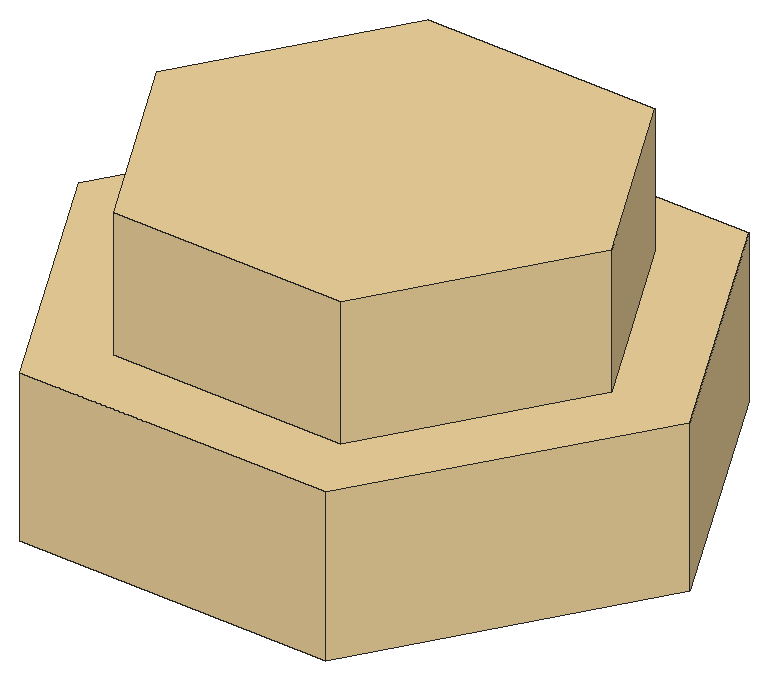
Revit family "R37K", category Pipe Accessories, Revit 2025
Family settings
  Round Connector Dimension = Use Diameter
  Part Type = Normal
  Work Plane-Based = Yes
  Always vertical = No
  Cut with Voids When Loaded = No
  Shared = Yes
Parameters (values of type "G 1”F x calotta G 1-1/2”F")
  Series = "R37K"  # constant formula
  R1 = 22.6 mm
  Nut dimension 2 = 37.8 mm
  Nut Dimension 1 = 50.8 mm
  Model = "G 1”F x calotta G 1-1/2”F"
  Manufacturer = "Giacomini"  # constant formula
  Height = 26.7 mm
  H2 = 6.7 mm
  H1 = 14.5 mm
  Default Elevation = 1219.2 mm
  Code = "R37KY005"
Types (3, lengths in mm): name | R1 | Nut dimension 2 | Nut Dimension 1 | Model | Height | H2 | H1 | Code
  (no name) | 28.5 | 45.8 | 63 | "G 1”F x calotta G 1-1/2”F" | 32.8 | 6.1 | 15.5 | "R37KY005"
  G 1-1/4”F x calotta G 2”F | 28.5 | 45.8 | 63 | "G 1-1/4”F x calotta G 2”F" | 32.8 | 6.1 | 15.5 | "R37KY006"
  G 1”F x calotta G 1-1/2”F | 22.6 | 37.8 | 50.8 | "G 1”F x calotta G 1-1/2”F" | 26.7 | 6.7 | 14.5 | "R37KY005"
Reference planes
  plane 1 "Center (Front/Back)": y = 0
  plane 2: z = 0
  plane 3 "Center (Left/Right)": x = 0
  plane 4: z = 14.5
  plane 5: z = 26.7
Forms (mm)
  Extrusion 1, solid, material "Brass - Giacomini"
    sketch origin (0, 0, 0) x (1, 0, 0) y (0, 1, 0)
      loop
        line (-14.665, 25.4) -> (-29.329, 0) -> (-14.665, -25.4) -> (14.665, -25.4) -> (29.329, 0) -> (14.665, 25.4) -> (-14.665, 25.4)
    from 0 to 14.5
  Extrusion 2, solid, material "Brass - Giacomini"
    sketch origin (0, 0, 0) x (1, 0, 0) y (0, 1, 0)
      loop
        line (-10.912, 18.9) -> (-21.824, 0) -> (-10.912, -18.9) -> (10.912, -18.9) -> (21.824, 0) -> (10.912, 18.9) -> (-10.912, 18.9)
    from 14.5 to 26.7
  Revolve 3, void
    sketch origin (0, 0, 0) x (1, 0, 0) y (0, 0, 1)
      loop
        line (0, 6.7) -> (0, 0) -> (22.6, 0) -> (22.6, 6.7) -> (0, 6.7)
      axis (0, 0) -> (0, 6.7)
    angle from 0 to 360
Cuts and joins
  Revolve 3 cuts Extrusion 1
Dimensions and locks
  equal spacing: Extrusion 1 sketch curve, plane 3 "Center (Left/Right)", Extrusion 1 sketch curve  (x2)
  "Nut Dimension 1": Extrusion 1 sketch curve to Extrusion 1 sketch curve  (x3)
  equal spacing: Extrusion 1 sketch curve, plane 1 "Center (Front/Back)", Extrusion 1 sketch curve
  "H1": plane 4 to level
  equal spacing: Extrusion 2 sketch curve, plane 3 "Center (Left/Right)", Extrusion 2 sketch curve  (x2)
  "Nut dimension 2": Extrusion 2 sketch curve to Extrusion 2 sketch curve  (x3)
  equal spacing: Extrusion 2 sketch curve, plane 1 "Center (Front/Back)", Extrusion 2 sketch curve
  "Height": plane 5 to level
  "R1": Revolve 3 sketch curve to Revolve 3 sketch curve
  "H2": Revolve 3 sketch curve to Revolve 3 sketch curve
  locked: Extrusion 1 sketch curve to Extrusion 1 sketch curve (angle 120.00°)  (x3)
  locked: Extrusion 2 sketch curve to Extrusion 2 sketch curve (angle 120.00°)  (x3)
  aligned and locked: level to plane 2
  aligned and locked: Extrusion 1 to level
  aligned and locked: plane 4 to Extrusion 1
  aligned and locked: Extrusion 2 to plane 4
  aligned and locked: plane 5 to Extrusion 2
  aligned and locked: level to Revolve 3 sketch curve
  aligned and locked: plane 3 "Center (Left/Right)" to Revolve 3 sketch curve
  aligned and locked: Revolve 3 sketch curve to Revolve 3 sketch curve
Automatic sketch dimensions
  Revolve 3 sketch curve to Revolve 3 sketch curve = 2.611 mm
  Revolve 3 sketch curve to plane 4 = 3.026 mm
